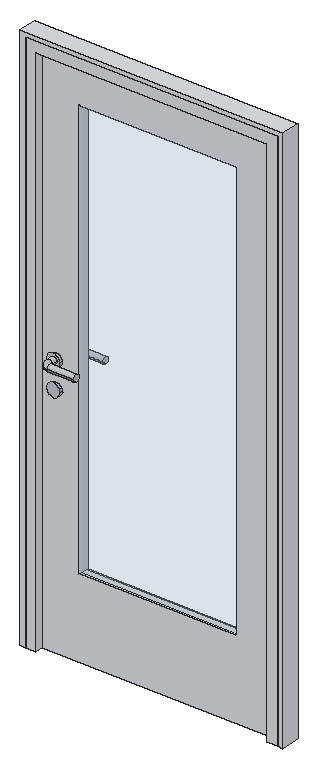
Revit family "AC_Дверь_Однопольная_Стальная", category Двери, Revit 2019
Family settings
  Основа = Стена
  Номер OmniClass = 23.30.10.00
  Заголовок OmniClass = Doors
  Всегда вертикально = Да
  При загрузке вырезать с полостями = Нет
  Общий = Нет
  Точка расчета площади = Нет
Parameters
  Четверть_Высота [instance] = 40 mm
  Четверть [instance] = no
  Четверть сверху [instance] = if(Четверть, Четверть_Высота, 0 mm)  # 0 mm
  Четверть сбоку [instance] = if(Четверть, Четверть_Ширина, 0 mm)  # 0 mm
  Четверть_Ширина [instance] = 40 mm
  Функция = Наружные слои
  Угол плане 30 [instance] = yes
  Тип полотна двери = АС-Полотно : Остекленное
  Ручка двери = ADSK_Металл_Сталь нержавеющая
  Рама двери_Ширина справа = 150 mm
  Рама двери_Ширина слева = 150 mm
  Рама двери_Ширина внизу = 300 mm
  Рама двери_Ширина вверху = 150 mm
  Рама двери = ADSK_Металл_Окрашенный_Белый матовый
  Полотно_Ширина = Rough Width - Коробка_Ширина * 2  # 900 mm
  Полотно_Высота = Rough Height - Коробка_Ширина  # 2050 mm
  Аналитическая конструкция = "<Нет>"
  ADSK_Обозначение = "ГОСТ 31173-2016"
  Наличник двери = ADSK_Металл_Окрашенный_Белый матовый
  ADSK_Наименование = "ДСУЗ Оп Брг Л 2080х960"
  Монтажный зазор_Верх [instance] = 20 mm
  Коробка_Ширина = 30 mm
  Коробка_Толщина = 70 mm
  Правая = no
  Полотно двери = ADSK_Металл_Окрашенный_Белый матовый
  Остекление двери = ADSK_Стекло_Прозрачное бесцветное
  Наличник_Ширина [instance] = 60 mm
  Наличник_Толщина [instance] = 10 mm
  Наличник снаружи [instance] = no
  Наличник внутри [instance] = no
  Монтажный зазор_Справа и Слева [instance] = 20 mm
  Вставка_Четверть_Глубина [instance] = 0 mm
  Левая = not(Правая)  # yes
  Инструкция по семейству [instance] = ""
  Огибание наружных слоев [instance] = 0 mm
  Width [instance] = Rough Width + Монтажный зазор_Справа и Слева * 2  # 1000 mm
  Thickness = 40 mm
  Rough Width = 960 mm
  Rough Height = 2080 mm
  Model = ""
  Manufacturer = ""
  Wall Closure = (empty or 0)
  Height [instance] = Rough Height + Монтажный зазор_Верх  # 2100 mm
  Описание = "Дверь стальная остекленная усиленная"
  Тип конструкций = "Дверь стальная"
  ADSK_Этаж [instance] = ""
  ADSK_Толщина стены [instance] = 600 mm
  ADSK_Примечание [instance] = ""
  ADSK_Предел огнестойкости = ""
  ADSK_Позиция [instance] = ""
  ADSK_Открывание = if(Правая, "Правая", "Левая")  # "Левая"
  ADSK_Откосы_Глубина [instance] = 530 mm
  ADSK_Наименование краткое = ""
  ADSK_Масса_Текст = ""
  ADSK_Количество [instance] = 0
  ADSK_Код изделия = ""
  ADSK_Зона [instance] = ""
  ADSK_Завод-изготовитель = ""
  ADSK_Единица измерения = ""
  ADSK_Группирование [instance] = ""
  ADSK_Версия семейства = "1.0"  # constant formula
  ADSK_Версия Revit = "v2019"  # constant formula
  ADSK_URL страницы изделия = ""
  ADSK_URL документации изделия = ""
Reference planes
  plane 1: y = 0
  plane 2 "По центру (Влево/Вправо)": x = 0
  plane 3 "Слева": x = -500
  plane 4 "Справа": x = 500
  plane 5: z = 2100
  plane 6 "Наружный": y = 300
  plane 7 "Внутренние": y = -300
  plane 8 "Вставка двери": y = 300
  plane 9 "Четверть слева": x = -500
  plane 10 "Четверть справа": x = 500
  plane 11 "Четверть сверху": z = 2100
  plane 12 "Полотно двери": y = 260
  plane 13 "Рама внутри": y = 230
  plane 14 "Монтажный зазор слева": x = -480
  plane 15 "Монтажный зазор справа": x = 480
  plane 16 "Монтажный зазор сверху": z = 2080
  plane 17 "Глубина огибания наружного слоя": y = 300
  plane 18: y = 310
  plane 19: x = 490
  plane 20: y = -310
  plane 21: x = -490
  plane 22: x = -450
  plane 23: x = 450
  plane 24: z = 1025
  plane 25 "Верх полотна": z = 2050
Forms (mm)
  Extrusion 1, void
    sketch origin (0, 0, 0) x (1, 0, 0) y (0, 1, 0)
      loop
        line (500, 300) -> (-500, 300) -> (-500, -800) -> (500, -800) -> (500, 300)
    from 0 to 2100
  Extrusion 2, void
    sketch origin (0, 0, 0) x (1, 0, 0) y (0, 1, 0)
      loop
        line (500, 800) -> (-500, 800) -> (-500, 300) -> (500, 300) -> (500, 800)
    from 0 to 2100
  Sweep 3, solid, material "ADSK_Металл_Окрашенный_Белый матовый" <- "Наличник двери", visible <- "Наличник снаружи", detail levels fine
    path origin (0, 300, 0) x (1, 0, 0) y (0, 0, 1)
      loop
        line (-500, 0) -> (-500, 2100) -> (500, 2100) -> (500, 0)
    profile origin (-500, 300, 1050) x (-1, 0, 0) y (0, -1, 0)
      loop
        line (-10, 0) -> (-10, -5)
        arc (-10, -5) -> (-8.536, -8.536) -> (-5, -10) r 5
        line (-5, -10) -> (45, -10)
        arc (45, -10) -> (48.536, -8.536) -> (50, -5) r 5
        line (50, -5) -> (50, 0) -> (-10, 0)
  Sweep 4, solid, material "ADSK_Металл_Окрашенный_Белый матовый" <- "Наличник двери", visible <- "Наличник внутри", detail levels fine
    path origin (0, -300, 0) x (1, 0, 0) y (0, 0, 1)
      loop
        line (-500, 0) -> (-500, 2100) -> (500, 2100) -> (500, 0)
    profile origin (-500, -300, 1050) x (-1, 0, 0) y (0, -1, 0)
      loop
        line (-20, 0) -> (40, 0) -> (40, 5)
        arc (40, 5) -> (38.536, 8.536) -> (35, 10) r 5
        line (35, 10) -> (-15, 10)
        arc (-15, 10) -> (-18.536, 8.536) -> (-20, 5) r 5
        line (-20, 5) -> (-20, 0)
  Sweep 5, solid, material "ADSK_Металл_Окрашенный_Белый матовый" <- "Рама двери", detail levels medium+fine
    path origin (0, 300, 0) x (-1, 0, 0) y (0, 0, 1)
      loop
        line (480, 0) -> (480, 2080) -> (-480, 2080) -> (-480, 0)
    profile origin (480, 300, 1040) x (0, 1, 0) y (-1, 0, 0)
      loop
        line (0, 0) -> (0, 30) -> (-40, 30) -> (-40, 40) -> (-70, 40) -> (-70, 0) -> (0, 0)
  Sweep 6, solid, material "ADSK_Металл_Окрашенный_Белый матовый" <- "Наличник двери", visible <- "Наличник внутри", detail levels fine
    path origin (0, 230, 0) x (-1, 0, 0) y (0, 0, 1)
      loop
        line (500, 0) -> (500, 2100) -> (-500, 2100) -> (-500, 0)
    profile origin (-500, 230, 1050) x (1, 0, 0) y (0, 1, 0)
      loop
        line (0, -535) -> (20, -535) -> (20, 0) -> (0, 0) -> (0, -535)
  Sweep 7, solid, material "ADSK_Металл_Окрашенный_Белый матовый" <- "Наличник двери", visible <- "Наличник снаружи", detail levels fine
    path origin (0, 300, 0) x (-1, 0, 0) y (0, 0, 1)
      loop
        line (500, 0) -> (500, 2100) -> (-500, 2100) -> (-500, 0)
    profile origin (500, 300, 1050) x (0, 1, 0) y (-1, 0, 0)
      loop
        line (5, 0) -> (5, 10) -> (0, 10) -> (0, 0) -> (5, 0)
  Extrusion 8, solid, material "ADSK_Металл_Окрашенный_Белый матовый" <- "Рама двери", detail levels medium+fine
    sketch origin (-2514.822, 300, 1200) x (-1, 0, 0) y (0, 0, 1)
      loop
        line (-3014.822, 900) -> (-3014.822, -1200) -> (-2994.822, -1200) -> (-2994.822, 880) -> (-2034.822, 880) -> (-2034.822, -1200) -> (-2014.822, -1200) -> (-2014.822, 900) -> (-3014.822, 900)
    from 0 to -70
  Extrusion 9, solid, material "ADSK_Металл_Окрашенный_Белый матовый" <- "Полотно двери", detail levels coarse
    sketch origin (0, 0, 0) x (1, 0, 0) y (0, 1, 0)
      loop
        line (-500, 300) -> (-500, 230) -> (500, 230) -> (500, 300) -> (-500, 300)
    from 0 to 2100
Cuts and joins
  joined: Sweep 4, Sweep 6
  joined: Sweep 3, Sweep 7
Lines and regions (mm)
  Masking region 1, detail levels fine
    outline origin (0, 0, 0) x (0, 1, 0) y (0, 0, 1)
      loop
        line (230, 2040) -> (260, 2040) -> (260, 2050) -> (300, 2050) -> (300, 2080) -> (230, 2080) -> (230, 2040)
  Masking region 2, detail levels fine
    outline origin (0, 0, 0) x (0, 1, 0) y (0, 0, 1)
      loop
        line (300, 2080) -> (300, 2100) -> (230, 2100) -> (230, 2080) -> (300, 2080)
  Masking region 3, detail levels fine
    outline origin (0, 0, 0) x (0, 1, 0) y (0, 0, 1)
      loop
        line (300, 0) -> (300, 2050) -> (260, 2050) -> (260, 0) -> (300, 0)
  Masking region 4, detail levels fine
    outline origin (0, 0, 0) x (0, 1, 0) y (0, 0, 1)
      loop
        line (230, 2040) -> (230, 0) -> (260, 0) -> (260, 2040) -> (230, 2040)
  Masking region 5, detail levels coarse+medium
    outline origin (0, 0, 0) x (0, 1, 0) y (0, 0, 1)
      loop
        line (300, 0) -> (300, 2100) -> (230, 2100) -> (230, 0) -> (300, 0)
  symbolic lines, style "Открывание", visible <- "Правая", detail levels medium
    curve 1: line (-450, 300, 0) -> (450, 300, 1025)
    curve 2: line (450, 300, 1025) -> (-450, 300, 2050)
  symbolic lines, style "Открывание", visible <- "Левая", detail levels medium
    curve 3: line (450, 300, 0) -> (-450, 300, 1025)
    curve 4: line (-450, 300, 1025) -> (450, 300, 2050)
Text (mm)
  text "Наружный" at (-2295.016, 1099.543, 0), in view "Опорный уровень "
  text "Наружный" at (0, 1615.38, 3698.081), in view "Слева"
  text "Наружный" at (0, 1036.032, 3874.932), in view "Справа"
Dimensions and locks
  equal spacing: plane 14 "Монтажный зазор слева", plane 2 "По центру (Влево/Вправо)", plane 15 "Монтажный зазор справа"
  "Width": plane 3 "Слева" to plane 4 "Справа"
  "Rough Height": host wall to plane 16 "Монтажный зазор сверху"
  "Height": host wall to plane 5
  locked: plane 6 "Наружный" to host wall at 0
  locked: plane 7 "Внутренние" to host wall
  locked: Extrusion 1 sketch curve to plane 7 "Внутренние" at 500
  "Четверть сбоку": plane 3 "Слева" to plane 9 "Четверть слева"
  "Четверть сбоку": plane 10 "Четверть справа" to plane 4 "Справа"
  "Четверть сверху": plane 11 "Четверть сверху" to plane 5
  locked: plane 6 "Наружный" to Extrusion 2 sketch curve at 500
  "Вставка_Четверть_Глубина": plane 6 "Наружный" to plane 8 "Вставка двери"
  "Наличник_Ширина": Sweep 3 sketch curve to plane 21
  "Коробка_Толщина": plane 8 "Вставка двери" to plane 13 "Рама внутри"
  "Thickness": plane 8 "Вставка двери" to plane 12 "Полотно двери"
  "Огибание наружных слоев": plane 6 "Наружный" to plane 17 "Глубина огибания наружного слоя"
  "Наличник_Ширина": Sweep 4 sketch curve to Sweep 4 sketch curve
  locked: Sweep 4 sketch curve to Sweep 4 sketch curve at 5  (x4)
  locked: Sweep 3 sketch curve to Sweep 3 sketch curve at 5
  "Коробка_Ширина": Sweep 5 sketch curve to profile plane
  locked: Sweep 5 sketch curve to Sweep 5 sketch curve at 10
  locked: Sweep 6 sketch curve to plane 20 at 5
  "Наличник_Толщина": plane 7 "Внутренние" to plane 20
  "Наличник_Толщина": plane 18 to plane 6 "Наружный"
  "Наличник_Толщина": plane 9 "Четверть слева" to plane 21
  "Наличник_Толщина": plane 19 to plane 10 "Четверть справа"
  locked: plane 18 to Sweep 3 sketch curve at 5  (x2)
  locked: Sweep 3 sketch curve to plane 21 at 5
  locked: plane 18 to Sweep 7 sketch curve at 5
  "ADSK_Откосы_Глубина": plane 7 "Внутренние" to plane 13 "Рама внутри"
  equal spacing: plane 3 "Слева", plane 2 "По центру (Влево/Вправо)", plane 4 "Справа"
  "Rough Width": plane 14 "Монтажный зазор слева" to plane 15 "Монтажный зазор справа"
  "Коробка_Ширина": plane 14 "Монтажный зазор слева" to plane 22
  "Коробка_Ширина": plane 23 to plane 15 "Монтажный зазор справа"
  equal spacing: level, plane 24, plane 25 "Верх полотна"
  "Коробка_Ширина": plane 25 "Верх полотна" to plane 16 "Монтажный зазор сверху"
  "ADSK_Толщина стены": host wall to host wall
  aligned and locked: plane 1 to host wall
  aligned and locked: plane 8 "Вставка двери" to Extrusion 1 sketch curve
  aligned and locked: plane 3 "Слева" to Extrusion 1 sketch curve
  aligned and locked: Extrusion 1 sketch curve to plane 4 "Справа"
  aligned and locked: Extrusion 1 to level
  aligned and locked: Extrusion 1 to plane 5
  aligned and locked: Extrusion 2 sketch curve to plane 8 "Вставка двери"
  aligned and locked: plane 10 "Четверть справа" to Extrusion 2 sketch curve
  aligned and locked: Extrusion 2 sketch curve to plane 9 "Четверть слева"
  aligned and locked: Extrusion 2 to level
  aligned and locked: plane 11 "Четверть сверху" to Extrusion 2
  aligned and locked: plane 9 "Четверть слева" to Sweep 3 sketch curve
  aligned and locked: plane 11 "Четверть сверху" to Sweep 3 sketch curve
  aligned and locked: plane 10 "Четверть справа" to Sweep 3 sketch curve
  aligned and locked: Sweep 4 sketch curve to plane 3 "Слева"
  aligned and locked: Sweep 4 sketch curve to plane 5
  aligned and locked: Sweep 4 sketch curve to plane 4 "Справа"
  aligned and locked: level to Sweep 4 sketch curve  (x2)
  aligned and locked: Sweep 4 sketch curve to plane 7 "Внутренние"
  aligned and locked: Sweep 5 sketch curve to plane 15 "Монтажный зазор справа"
  aligned and locked: Sweep 5 sketch curve to plane 16 "Монтажный зазор сверху"
  aligned and locked: Sweep 5 sketch curve to plane 14 "Монтажный зазор слева"
  aligned and locked: level to Sweep 5 sketch curve  (x2)
  aligned and locked: profile plane to Sweep 5 sketch curve
  aligned and locked: plane 13 "Рама внутри" to Sweep 5 sketch curve
  aligned and locked: plane 8 "Вставка двери" to Sweep 5 sketch curve
  aligned and locked: plane 12 "Полотно двери" to Sweep 5 sketch curve
  aligned and locked: Sweep 4 sketch curve to plane 14 "Монтажный зазор слева"
  aligned and locked: plane 3 "Слева" to Sweep 6 sketch curve
  aligned and locked: plane 5 to Sweep 6 sketch curve
  aligned and locked: plane 4 "Справа" to Sweep 6 sketch curve
  aligned and locked: level to Sweep 6 sketch curve  (x2)
  aligned and locked: Sweep 6 sketch curve to plane 3 "Слева"
  aligned and locked: Sweep 6 sketch curve to plane 14 "Монтажный зазор слева"
  aligned and locked: Sweep 6 sketch curve to plane 13 "Рама внутри"
  aligned and locked: profile plane to Sweep 3 sketch curve
  aligned and locked: level to Sweep 7 sketch curve  (x2)
  aligned and locked: Sweep 7 sketch curve to plane 11 "Четверть сверху"
  aligned and locked: plane 10 "Четверть справа" to Sweep 7 sketch curve  (x2)
  aligned and locked: plane 9 "Четверть слева" to Sweep 7 sketch curve
  aligned and locked: plane 8 "Вставка двери" to Sweep 7 sketch curve
  aligned and locked: plane 20 to Sweep 4 sketch curve
  aligned and locked: plane 18 to Sweep 3 sketch curve
  aligned and locked: Sweep 7 sketch curve to plane 19
  aligned and locked: Masking region 1 sketch curve to Sweep 5  (x2)
  aligned and locked: plane 12 "Полотно двери" to Masking region 1 sketch curve
  aligned and locked: plane 13 "Рама внутри" to Masking region 1 sketch curve
  aligned and locked: plane 8 "Вставка двери" to Masking region 1 sketch curve
  aligned and locked: plane 16 "Монтажный зазор сверху" to Masking region 1 sketch curve
  aligned and locked: plane 8 "Вставка двери" to Masking region 2 sketch curve
  aligned and locked: plane 13 "Рама внутри" to Masking region 2 sketch curve
  aligned and locked: plane 16 "Монтажный зазор сверху" to Masking region 2 sketch curve
  aligned and locked: plane 5 to Masking region 2 sketch curve
  aligned and locked: plane 8 "Вставка двери" to Masking region 3 sketch curve
  aligned and locked: plane 12 "Полотно двери" to Masking region 3 sketch curve
  aligned and locked: level to Masking region 3 sketch curve
  aligned and locked: Masking region 3 sketch curve to Sweep 5
  aligned and locked: Masking region 4 sketch curve to Sweep 5
  aligned and locked: plane 13 "Рама внутри" to Masking region 4 sketch curve
  aligned and locked: plane 12 "Полотно двери" to Masking region 4 sketch curve
  aligned and locked: level to Masking region 4 sketch curve
  aligned and locked: plane 8 "Вставка двери" to Masking region 5 sketch curve
  aligned and locked: plane 13 "Рама внутри" to Masking region 5 sketch curve
  aligned and locked: plane 5 to Masking region 5 sketch curve
  aligned and locked: level to Masking region 5 sketch curve
  aligned and locked: Extrusion 8 sketch curve to plane 4 "Справа"
  aligned and locked: Extrusion 8 sketch curve to plane 3 "Слева"
  aligned and locked: Extrusion 8 sketch curve to plane 5
  aligned and locked: Extrusion 8 sketch curve to plane 16 "Монтажный зазор сверху"
  aligned and locked: Extrusion 8 sketch curve to plane 14 "Монтажный зазор слева"
  aligned and locked: Extrusion 8 sketch curve to plane 15 "Монтажный зазор справа"
  aligned and locked: Extrusion 8 sketch curve to level
  aligned and locked: Extrusion 8 to plane 13 "Рама внутри"
  aligned and locked: plane 8 "Вставка двери" to Extrusion 8
  aligned and locked: nested 1 to plane 8 "Вставка двери"
  aligned and locked: nested 1 to plane 3 "Слева"
  aligned and locked: nested 1 to plane 4 "Справа"
  aligned and locked: nested 2 to plane 4 "Справа"
  aligned and locked: nested 2 to plane 3 "Слева"
  aligned and locked: plane 8 "Вставка двери" to nested 2
  aligned and locked: nested 3 to plane 8 "Вставка двери"
  aligned and locked: nested 3 to plane 22
  aligned and locked: nested 3 to plane 23
  aligned and locked: nested 4 to plane 8 "Вставка двери"
  aligned and locked: nested 4 to plane 22
  aligned and locked: plane 8 "Вставка двери" to nested 5
  aligned and locked: nested 5 to plane 23
  aligned and locked: Extrusion 9 sketch curve to plane 8 "Вставка двери"
  aligned and locked: Extrusion 9 sketch curve to plane 13 "Рама внутри"
  aligned and locked: Extrusion 9 sketch curve to plane 4 "Справа"
  aligned and locked: Extrusion 9 sketch curve to plane 3 "Слева"
  aligned and locked: Extrusion 9 to level
  aligned and locked: Extrusion 9 to plane 5
  aligned and locked: curve 3 to Sweep 5
  aligned and locked: Sweep 5 to curve 1
  aligned and locked: plane 25 "Верх полотна" to curve 2
  aligned and locked: plane 25 "Верх полотна" to curve 4
  aligned and locked: plane 24 to curve 2
  aligned and locked: plane 24 to curve 4
  aligned and locked: level to curve 1
  aligned and locked: level to curve 3
  aligned and locked: plane 22 to curve 2
  aligned and locked: plane 23 to curve 4
  aligned and locked: plane 23 to curve 2
  aligned and locked: plane 22 to curve 4
Automatic sketch dimensions
  Sweep 3 sketch curve to level = 0 mm  (x2)
  Extrusion 8 sketch curve to level = 0 mm
Nested families
  nested 1: "АС-Однопольная-Обозначение на плане" at (0, 300, 0), Height <- "Height", Rough Width <- "Rough Width", Thickness <- "Thickness", Коробка.Толщина <- "Коробка_Толщина", Полотно.Ширина <- "Полотно_Ширина", visible <- "Левая", Width <- "Width", type "АС-Стандарт"
    with Полотно.Ширина 900 mm, Коробка.Толщина 70 mm, Width 1000 mm, Thickness 40 mm, Rough Width 960 mm, Height 2100 mm, Открывание двери 90 no, Открывание двери 30 yes, Линия открывания (дуга) no
  nested 2: "АС-Однопольная-Обозначение на плане" at (0, 300, 0) x (-1, 0, 0) z (0, 0, 1), Height <- "Height", Rough Width <- "Rough Width", Thickness <- "Thickness", Коробка.Толщина <- "Коробка_Толщина", Полотно.Ширина <- "Полотно_Ширина", visible <- "Правая", Width <- "Width", type "АС-Стандарт"
    with Полотно.Ширина 900 mm, Коробка.Толщина 70 mm, Width 1000 mm, Thickness 40 mm, Rough Width 960 mm, Height 2100 mm, Открывание двери 90 no, Открывание двери 30 yes, Линия открывания (дуга) no
  nested 3: "АС-Полотно" at (0, 300, 0), Рама.Ширина справа <- "Рама двери_Ширина справа", Рама.Ширина слева <- "Рама двери_Ширина слева", Рама.Ширина внизу <- "Рама двери_Ширина внизу", Рама.Ширина вверху <- "Рама двери_Ширина вверху", Полотно двери.Толщина <- "Thickness", Полотно двери.Высота <- "Полотно_Высота", Полотно двери.Ширина <- "Полотно_Ширина", type <- "Тип полотна двери", Фурнитура <- "Ручка двери", Полотно двери <- "Полотно двери", Остекление двери <- "Остекление двери", type "Остекленное"
    with Фурнитура ADSK_Металл_Сталь нержавеющая, Рама.Ширина справа 150 mm, Рама.Ширина слева 150 mm, Рама.Ширина внизу 300 mm, Рама.Ширина вверху 150 mm, Полотно двери.Ширина 900 mm, Полотно двери.Толщина 40 mm, Полотно двери.Высота 2050 mm, Полотно двери ADSK_Металл_Окрашенный_Белый матовый, Остекление двери ADSK_Стекло_Прозрачное бесцветное, Остекленное yes, Глухое no
  nested 4: "АС-Ручка двери" at (-450, 300, 0), Полотно двери.Толщина <- "Thickness", visible <- "Левая", Ручка двери <- "Ручка двери", type "АС-Стандарт"
    with Ручка двери ADSK_Металл_Сталь нержавеющая, Полотно двери.Толщина 40 mm, Отступ ручки от края 60 mm
  nested 5: "АС-Ручка двери" at (450, 300, 0) x (-1, 0, 0) z (0, 0, 1), Полотно двери.Толщина <- "Thickness", visible <- "Правая", Ручка двери <- "Ручка двери", type "АС-Стандарт"
    with Ручка двери ADSK_Металл_Сталь нержавеющая, Полотно двери.Толщина 40 mm, Отступ ручки от края 60 mm
Definition of nested family "АС-Полотно"
  Parameters
    Фурнитура [instance] = none
    Рама.Ширина справа [instance] = 50 mm
    Рама.Ширина слева [instance] = 50 mm
    Рама.Ширина внизу [instance] = 50 mm
    Рама.Ширина вверху [instance] = 50 mm
    Остекленное = not(Глухое)  # no
    Полотно двери.Ширина [instance] = 1000 mm
    Полотно двери.Толщина [instance] = 40 mm
    Полотно двери.Высота [instance] = 2100 mm
    Полотно двери [instance] = none
    Глухое = yes
    Остекление двери [instance] = none
    Default Elevation = 0 mm
  Reference planes
    plane 1 "Center (Front/Back)": y = 0
    plane 2: z = 0
    plane 3 "Center (Left/Right)": x = 0
    plane 4: x = -500
    plane 5: x = 500
    plane 6 "Back": y = -40
    plane 7: z = 2100
    plane 8 "Остекление снаружи": y = -8
    plane 9 "Остекление внутри": y = -32
    plane 10 "Ширина рамы справа": x = -450
    plane 11 "Ширина рамы слева": x = 450
    plane 12 "Ширина рамы внизу": z = 50
    plane 13 "Ширина рамы вверху": z = 2050
  Forms (mm)
    Extrusion 1, solid, material <- "Полотно двери", visible <- "Глухое", detail levels medium+fine
      sketch origin (0, 0, 0) x (1, 0, 0) y (0, 0, 1)
        loop
          line (-500, 2100) -> (-500, 0) -> (500, 0) -> (500, 2100) -> (-500, 2100)
      from 0 to 40 <- "Полотно двери.Толщина"
    Extrusion 2, solid, material <- "Полотно двери", visible <- "Остекленное", detail levels medium+fine
      sketch origin (0, 0, 0) x (1, 0, 0) y (0, 0, 1)
        loop
          line (-500, 2100) -> (-500, 0) -> (500, 0) -> (500, 2100) -> (-500, 2100)
        loop
          line (-450, 50) -> (450, 50) -> (450, 2050) -> (-450, 2050) -> (-450, 50)
      from 0 to 40
    Extrusion 3, solid, material <- "Остекление двери", visible <- "Остекленное", detail levels medium+fine
      sketch origin (-646.608, -8, 1200) x (-1, 0, 0) y (0, 0, 1)
        loop
          line (-196.608, 850) -> (-1096.608, 850) -> (-1096.608, -1150) -> (-196.608, -1150) -> (-196.608, 850)
      from 0 to -24
  Dimensions and locks
    "Полотно двери.Толщина": plane 1 "Center (Front/Back)" to plane 6 "Back"
    equal spacing: plane 4, plane 3 "Center (Left/Right)", plane 5
    "Полотно двери.Ширина": plane 4 to plane 5
    "Полотно двери.Высота": plane 7 to plane 2
    locked: plane 9 "Остекление внутри" to plane 6 "Back" at 8
    locked: plane 1 "Center (Front/Back)" to plane 8 "Остекление снаружи" at 8
    "Рама.Ширина вверху": plane 7 to plane 13 "Ширина рамы вверху"
    "Рама.Ширина внизу": plane 12 "Ширина рамы внизу" to plane 2
    "Рама.Ширина справа": plane 5 to plane 11 "Ширина рамы слева"
    "Рама.Ширина слева": plane 10 "Ширина рамы справа" to plane 4
    plane 7 to plane 2 = 2100 mm
    aligned and locked: level to plane 2
    aligned and locked: Extrusion 1 sketch curve to plane 7
    aligned and locked: plane 4 to Extrusion 1 sketch curve
    aligned and locked: plane 2 to Extrusion 1 sketch curve
    aligned and locked: Extrusion 1 sketch curve to plane 5
    aligned and locked: Extrusion 1 to plane 1 "Center (Front/Back)"
    aligned and locked: Extrusion 1 to plane 6 "Back"
    aligned and locked: Extrusion 2 sketch curve to plane 4
    aligned and locked: Extrusion 2 sketch curve to plane 5
    aligned and locked: Extrusion 2 sketch curve to plane 7
    aligned and locked: Extrusion 2 sketch curve to plane 2
    aligned and locked: Extrusion 2 sketch curve to plane 12 "Ширина рамы внизу"
    aligned and locked: Extrusion 2 sketch curve to plane 10 "Ширина рамы справа"
    aligned and locked: Extrusion 2 sketch curve to plane 11 "Ширина рамы слева"
    aligned and locked: Extrusion 2 sketch curve to plane 13 "Ширина рамы вверху"
    aligned and locked: Extrusion 2 to plane 1 "Center (Front/Back)"
    aligned and locked: Extrusion 2 to plane 6 "Back"
    aligned and locked: plane 10 "Ширина рамы справа" to Extrusion 3 sketch curve
    aligned and locked: plane 11 "Ширина рамы слева" to Extrusion 3 sketch curve
    aligned and locked: plane 13 "Ширина рамы вверху" to Extrusion 3 sketch curve
    aligned and locked: plane 12 "Ширина рамы внизу" to Extrusion 3 sketch curve
    aligned and locked: Extrusion 3 to plane 8 "Остекление снаружи"
    aligned and locked: Extrusion 3 to plane 9 "Остекление внутри"
    aligned and locked: plane 7 to Extrusion 2
    aligned and locked: plane 4 to Extrusion 2
Definition of nested family "АС-Ручка двери"
  Parameters
    Ручка двери [instance] = none
    Полотно двери.Толщина [instance] = 40 mm
    Отступ ручки от края = 100 mm
    Высота расположения ручки = 1000 mm
    Default Elevation = 0 mm
  Reference planes
    plane 1 "Наружная сторона полотна": y = 0
    plane 2: z = 0
    plane 3 "Край полотна": x = 0
    plane 4 "Вертикаль расположения": x = 100
    plane 5 "Горизонталь расположения": z = 1000
    plane 6 "Внутренняя сторона полотна": y = -40
  Forms (mm)
    Sweep 1, solid, material <- "Ручка двери", detail levels fine
      path origin (0, 0, 1000) x (1, 0, 0) y (0, 1, 0)
        loop
          line (220, 50) -> (120, 50)
          arc (120, 50) -> (105.858, 44.142) -> (100, 30) r 20
          line (100, 30) -> (100, -70)
          arc (100, -70) -> (105.858, -84.142) -> (120, -90) r 20
          line (120, -90) -> (220, -90)
      profile origin (100, -20, 1000) x (1, 0, 0) y (0, 0, 1)
        loop
          circle (0, 0) r 12
    Extrusion 2, solid, material <- "Ручка двери", detail levels fine
      sketch origin (155, 0, 0) x (1, 0, 0) y (0, 0, 1)
        loop
          circle (-55, 1000) r 25
      from 48 to -8
    Extrusion 3, solid, material <- "Ручка двери", detail levels fine
      sketch origin (0, 0, 0) x (1, 0, 0) y (0, 0, 1)
        loop
          circle (100, 900) r 25
      from 48 to -8
  Cuts and joins
    joined: Sweep 1, Extrusion 2
  Dimensions and locks
    "Отступ ручки от края": plane 3 "Край полотна" to plane 4 "Вертикаль расположения"
    "Высота расположения ручки": plane 5 "Горизонталь расположения" to level
    "Полотно двери.Толщина": plane 1 "Наружная сторона полотна" to plane 6 "Внутренняя сторона полотна"
    locked: plane 1 "Наружная сторона полотна" to Extrusion 3 at 8
    locked: plane 1 "Наружная сторона полотна" to Extrusion 2 at 8
    locked: plane 6 "Внутренняя сторона полотна" to Extrusion 3 at 8
    locked: plane 6 "Внутренняя сторона полотна" to Extrusion 2 at 8
    locked: plane 4 "Вертикаль расположения" to Extrusion 2 sketch curve at 0
    locked: plane 5 "Горизонталь расположения" to Extrusion 2 sketch curve at 0
    locked: Extrusion 3 sketch curve to plane 5 "Горизонталь расположения" at 100
    locked: Extrusion 3 sketch curve to plane 4 "Вертикаль расположения"
    locked: plane 1 "Наружная сторона полотна" to Sweep 1 sketch curve at 50
    locked: plane 6 "Внутренняя сторона полотна" to Sweep 1 sketch curve at 50
    locked: plane 4 "Вертикаль расположения" to Sweep 1 sketch curve at 120  (x2)
    locked: Sweep 1 sketch curve to plane 5 "Горизонталь расположения"
    locked: plane 4 "Вертикаль расположения" to Sweep 1 sketch curve at 0
    aligned and locked: Sweep 1 sketch curve to plane 4 "Вертикаль расположения"
  Automatic sketch dimensions
    plane 4 "Вертикаль расположения" to Sweep 1 sketch curve = 20 mm  (x2)
    radius of Sweep 1 sketch curve = 12 mm
    radius of Extrusion 2 sketch curve = 25 mm
    radius of Extrusion 3 sketch curve = 25 mm
Definition of nested family "АС-Однопольная-Обозначение на плане"
  Parameters
    Полотно.Ширина [instance] = 900 mm
    Открывание двери 90 = not(Открывание двери 30)  # yes
    Открывание двери 30 = no
    Линия открывания (дуга) = not(Открывание двери 30)  # yes
    Коробка.Толщина [instance] = 80 mm
    Width [instance] = 1000 mm
    Thickness [instance] = 40 mm
    Rough Width [instance] = 960 mm
    Height [instance] = 2100 mm
    Default Elevation = 0 mm
  Reference planes
    plane 1 "Center (Front/Back)": y = 0
    plane 2: z = 0
    plane 3 "Center (Left/Right)": x = 0
    plane 4 "Полотно.Слева": x = -480
    plane 5 "Полотно справа": x = 480
    plane 6 "Проем.Слева": x = -500
    plane 7 "Проем.Справа": x = 500
    plane 8 "Полотно. Внутренняя сторона": y = -40
    plane 9 "Коробка. Внутренняя сторона": y = -80
    plane 10 "Коробка.Внутренняя сторона слева": x = -450
    plane 11 "Коробка. Внутренняя сторона справа": x = 450
  Lines and regions (mm)
    Masking region 1, detail levels fine
      outline origin (0, 0, 0) x (1, 0, 0) y (0, 1, 0)
        loop
          line (-500, -80) -> (-480, -80) -> (-480, 0) -> (-500, 0) -> (-500, -80)
    Masking region 2, detail levels fine
      outline origin (0, 0, 0) x (1, 0, 0) y (0, 1, 0)
        loop
          line (500, -80) -> (500, 0) -> (480, 0) -> (480, -80) -> (500, -80)
    Masking region 3, detail levels fine
      outline origin (0, 0, 0) x (1, 0, 0) y (0, 1, 0)
        loop
          line (-480, 0) -> (-480, -80) -> (-440, -80) -> (-440, -40) -> (-450, -40) -> (-450, 0) -> (-480, 0)
    Masking region 4, detail levels fine
      outline origin (0, 0, 0) x (1, 0, 0) y (0, 1, 0)
        loop
          line (480, 0) -> (450, 0) -> (450, -40) -> (440, -40) -> (440, -80) -> (480, -80) -> (480, 0)
    Masking region 5, visible <- "Открывание двери 90", detail levels fine
      outline origin (0, 0, 0) x (1, 0, 0) y (0, 1, 0)
        loop
          line (450, 0) -> (450, 900) -> (410, 900) -> (410, 0) -> (450, 0)
    Masking region 6, visible <- "Открывание двери 30", detail levels fine
      outline origin (0, 0, 0) x (1, 0, 0) y (0, 1, 0)
        loop
          line (450, 0) -> (-329.423, 450) -> (-349.423, 415.359) -> (430, -34.641) -> (450, 0)
    symbolic lines, visible <- "Открывание двери 30", detail levels coarse+medium
      curve 1: line (500, 0, 0) -> (-366.025, 500, 0)
    symbolic lines, visible <- "Открывание двери 90", detail levels coarse+medium
      curve 2: line (500, 0, 0) -> (500, 1000, 0)
    symbolic lines, visible <- "Линия открывания (дуга)", detail levels coarse+medium
      curve 3: arc (500, 1000, 0) -> (-207.107, 707.107, 0) -> (-500, 0, 0) r 1000
    symbolic lines, visible <- "Линия открывания (дуга)", detail levels fine
      curve 4: arc (-450, 0, 0) -> (-186.396, 636.396, 0) -> (450, 900, 0) r 900
    model lines
      curve 5: line (0, 0, 0) -> (0, 0, 2100)
  Dimensions and locks
    "Thickness": plane 1 "Center (Front/Back)" to plane 8 "Полотно. Внутренняя сторона"
    equal spacing: plane 4 "Полотно.Слева", plane 3 "Center (Left/Right)", plane 5 "Полотно справа"
    equal spacing: plane 6 "Проем.Слева", plane 3 "Center (Left/Right)", plane 7 "Проем.Справа"
    "Width": plane 6 "Проем.Слева" to plane 7 "Проем.Справа"
    "Rough Width": plane 4 "Полотно.Слева" to plane 5 "Полотно справа"
    plane 1 "Center (Front/Back)" to plane 9 "Коробка. Внутренняя сторона" = 80 mm
    "Коробка.Толщина": plane 9 "Коробка. Внутренняя сторона" to plane 1 "Center (Front/Back)"
    equal spacing: plane 10 "Коробка.Внутренняя сторона слева", plane 3 "Center (Left/Right)", plane 11 "Коробка. Внутренняя сторона справа"
    "Полотно.Ширина": plane 10 "Коробка.Внутренняя сторона слева" to plane 11 "Коробка. Внутренняя сторона справа"
    "Width": curve 1 to curve 1
    "Width": plane 1 "Center (Front/Back)" to curve 2
    locked: plane 10 "Коробка.Внутренняя сторона слева" to Masking region 3 sketch curve at 10
    locked: Masking region 4 sketch curve to Masking region 4 sketch curve at 10
    "Полотно.Ширина": plane 1 "Center (Front/Back)" to Masking region 5 sketch curve
    "Thickness": Masking region 5 sketch curve to plane 11 "Коробка. Внутренняя сторона справа"
    "Полотно.Ширина": Masking region 6 sketch curve to Masking region 6 sketch curve
    "Thickness": Masking region 6 sketch curve to Masking region 6 sketch curve
    "Height": curve 5 to level
    "Width": radius of curve 3
    "Полотно.Ширина": radius of curve 4
    locked: curve 1 to plane 1 "Center (Front/Back)" (angle 30.00°)
    locked: Masking region 6 sketch curve to plane 1 "Center (Front/Back)" (angle 30.00°)
    aligned and locked: level to plane 2
    aligned and locked: plane 7 "Проем.Справа" to curve 2
    aligned and locked: plane 1 "Center (Front/Back)" to curve 2
    aligned and locked: Masking region 1 sketch curve to plane 9 "Коробка. Внутренняя сторона"
    aligned and locked: plane 6 "Проем.Слева" to Masking region 1 sketch curve
    aligned and locked: Masking region 1 sketch curve to plane 1 "Center (Front/Back)"
    aligned and locked: plane 4 "Полотно.Слева" to Masking region 1 sketch curve
    aligned and locked: plane 9 "Коробка. Внутренняя сторона" to Masking region 2 sketch curve
    aligned and locked: Masking region 2 sketch curve to plane 7 "Проем.Справа"
    aligned and locked: plane 1 "Center (Front/Back)" to Masking region 2 sketch curve
    aligned and locked: plane 5 "Полотно справа" to Masking region 2 sketch curve
    aligned and locked: Masking region 3 sketch curve to plane 4 "Полотно.Слева"
    aligned and locked: Masking region 3 sketch curve to plane 10 "Коробка.Внутренняя сторона слева"
    aligned and locked: Masking region 3 sketch curve to plane 1 "Center (Front/Back)"
    aligned and locked: Masking region 3 sketch curve to plane 9 "Коробка. Внутренняя сторона"
    aligned and locked: Masking region 3 sketch curve to plane 8 "Полотно. Внутренняя сторона"
    aligned and locked: Masking region 4 sketch curve to plane 5 "Полотно справа"
    aligned and locked: Masking region 4 sketch curve to plane 11 "Коробка. Внутренняя сторона справа"
    aligned and locked: Masking region 4 sketch curve to plane 9 "Коробка. Внутренняя сторона"
    aligned and locked: Masking region 4 sketch curve to plane 8 "Полотно. Внутренняя сторона"
    aligned and locked: Masking region 4 sketch curve to plane 1 "Center (Front/Back)"
    aligned and locked: curve 4 to Masking region 3
    aligned and locked: plane 11 "Коробка. Внутренняя сторона справа" to curve 4
    aligned and locked: Masking region 4 to Masking region 5 sketch curve
    aligned and locked: Masking region 5 sketch curve to Masking region 4
    aligned and locked: plane 11 "Коробка. Внутренняя сторона справа" to Masking region 6 sketch curve
    aligned and locked: plane 2 to curve 5
    aligned and locked: plane 3 "Center (Left/Right)" to curve 5
  Automatic sketch dimensions
    plane 1 "Center (Front/Back)" to Masking region 6 sketch curve = 0 mm
